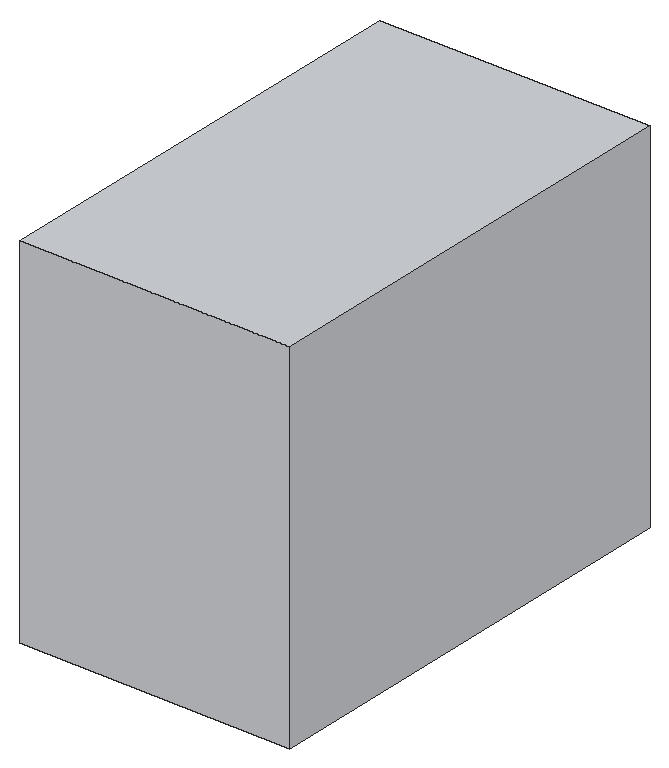
Revit family "XXX_RLT-Gerät_Kondensator", category HLS-Bauteile, Revit 2014
Parameters (values of type "Allgemein")
  Breite = 500 mm
  Druckverlust [instance] = 0.00 in-wg
  Länge = 300 mm
  Höhe = 400 mm
  Widerstandsbeiwert [instance] = 0
Reference planes
  plane 1 "Mitte (Vorne/Hinten)": y = 0
  plane 2: z = 0
  plane 3 "Mitte (Links/Rechts)": x = 0
  plane 4: y = 250
  plane 5: y = -250
  plane 6: x = -150
  plane 7: x = 150
  plane 8: z = 200
  plane 9: z = -200
  plane 10: z = 230
  plane 11: y = -280
  plane 12: z = -230
  plane 13: y = 280
  plane 14: x = -145
  plane 15: x = 145
Forms (mm)
  Extrusion 1, solid, detail levels medium+fine
    sketch origin (-150, 397.271, 1219.2) x (0, 1, 0) y (0, 0, 1)
      loop
        line (-147.271, -1019.2) -> (-647.271, -1019.2) -> (-647.271, -1419.2) -> (-147.271, -1419.2) -> (-147.271, -1019.2)
    from 0 to 300
Lines and regions (mm)
  model lines, detail levels coarse
    curve 1: line (-150, 250, 0) -> (150, 250, 0)
    curve 2: line (-150, -250, 0) -> (-150, 250, 0)
    curve 3: line (150, -250, 0) -> (-150, -250, 0)
    curve 4: line (150, 250, 0) -> (150, -250, 0)
    curve 5: line (-150, -250, 0) -> (150, 250, 0)
    curve 9: line (-150, 0, 200) -> (150, 0, 200)
    curve 10: line (-150, 0, -200) -> (-150, 0, 200)
    curve 11: line (150, 0, -200) -> (-150, 0, -200)
    curve 12: line (150, 0, 200) -> (150, 0, -200)
    curve 13: line (-145, 0, -200) -> (145, 0, 200)
    curve 14: line (0, 250, 200) -> (0, -250, 200)
    curve 15: line (0, 250, -200) -> (0, 250, 200)
    curve 16: line (0, -250, -200) -> (0, 250, -200)
    curve 17: line (0, -250, 200) -> (0, -250, -200)
  model lines, detail levels medium+fine
    curve 6: line (-145, -241.667, 200) -> (145, 241.667, 200)
    curve 7: line (-145, -250, -200) -> (145, -250, 200)
    curve 8: line (-145, 250, -200) -> (145, 250, 200)
Dimensions and locks
  equal spacing: plane 6, plane 3 "Mitte (Links/Rechts)", plane 7
  "Länge": plane 6 to plane 7
  equal spacing: plane 5, plane 1 "Mitte (Vorne/Hinten)", plane 4
  equal spacing: plane 8, level, plane 9
  "Höhe": plane 8 to plane 9
  "Breite": plane 5 to plane 4
  plane 10 to plane 8 = 30 mm
  plane 12 to plane 9 = 30 mm
  plane 13 to plane 4 = 30 mm
  plane 5 to plane 11 = 30 mm
  plane 6 to plane 14 = 5 mm
  plane 15 to plane 7 = 5 mm
  aligned and locked: plane 2 to level
  aligned and locked: plane 7 to Extrusion 1
  aligned and locked: Extrusion 1 to plane 6
  aligned and locked: plane 8 to Extrusion 1
  aligned and locked: plane 9 to Extrusion 1
  aligned and locked: plane 5 to Extrusion 1
  aligned and locked: plane 4 to Extrusion 1
  aligned and locked: curve 1 to Extrusion 1
  aligned and locked: curve 2 to Extrusion 1
  aligned and locked: curve 3 to Extrusion 1
  aligned and locked: curve 4 to Extrusion 1
  aligned and locked: curve 5 to curve 6
  aligned and locked: curve 6 to curve 7
  aligned and locked: plane 14 to curve 7
  aligned and locked: curve 8 to curve 7
  aligned and locked: curve 9 to Extrusion 1
  aligned and locked: curve 10 to Extrusion 1
  aligned and locked: curve 11 to Extrusion 1
  aligned and locked: curve 12 to Extrusion 1
  aligned and locked: curve 14 to Extrusion 1
  aligned and locked: curve 15 to curve 8
  aligned and locked: curve 16 to Extrusion 1
  aligned and locked: curve 17 to curve 7
Automatic sketch dimensions
  Extrusion 1 sketch curve to plane 5 = 0 mm
  Extrusion 1 sketch curve to plane 4 = 0 mm
  plane 9 to Extrusion 1 sketch curve = 0 mm
  Extrusion 1 sketch curve to plane 8 = 0 mm
  curve 6 to plane 14 = 0 mm
  curve 6 to plane 15 = 0 mm
  curve 7 to plane 9 = 0 mm
  curve 7 to plane 15 = 0 mm
  curve 8 to plane 8 = 0 mm
  curve 8 to plane 14 = 0 mm
  curve 13 to plane 14 = 0 mm
  curve 13 to plane 15 = 0 mm
Connectors
  hvac at (-150, 0, 0), driven by "Widerstandsbeiwert", driven by "Höhe", driven by "Breite"
    settings: on Extrusion 1, index 1, duct flow 0 CFM, flow factor 0, pres drop 0.00 in-wg, loss coef 0, conn angle 0.00°, conn width 500 mm, conn height 400 mm, conn diameter 609.6 mm, duct sys type 29, conn prof type 1, flow config 0, flow direction 0, loss method 6, conn ref index 2, conn util no, is conn primary yes, conn desc ""
  hvac at (150, 0, 0), driven by "Widerstandsbeiwert", driven by "Breite", driven by "Höhe"
    settings: on Extrusion 1, index 2, duct flow 0 CFM, flow factor 0, pres drop 0.00 in-wg, loss coef 0, conn angle 0.00°, conn width 500 mm, conn height 400 mm, conn diameter 609.6 mm, duct sys type 29, conn prof type 1, flow config 0, flow direction 0, loss method 6, conn ref index 1, conn util no, is conn primary no, conn desc ""
